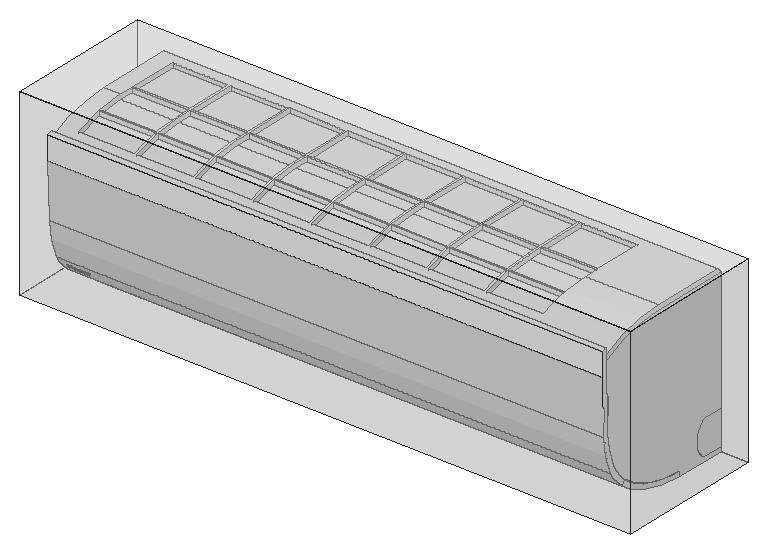
Revit family "outputfile", category 機械設備, Revit 2024 (continued)
Definition of nested family "DAIKIN_indoorunit_FTXV-QVMV"
  Automatic sketch dimensions
    Extrusion 21 sketch curve to Extrusion 21 sketch curve = 0.483 mm
    Extrusion 21 sketch curve to Extrusion 21 sketch curve = 4.137 mm
    Extrusion 21 sketch curve to Extrusion 21 sketch curve = 31.393 mm
    Extrusion 21 sketch curve to Extrusion 21 sketch curve = 9.215 mm
    Extrusion 21 sketch curve to level = 8.0 mm
    Extrusion 22 sketch curve to plane 1 "Center (Front/Back)" = 0.0 mm
    Extrusion 22 sketch curve to Extrusion 22 sketch curve = 20.0 mm  (x2)
    Extrusion 22 sketch curve to level = 287.035 mm
    Extrusion 23 sketch curve to plane 1 "Center (Front/Back)" = 0.0 mm
    Extrusion 23 sketch curve to Extrusion 23 sketch curve = 20.0 mm  (x2)
    Extrusion 23 sketch curve to level = 287.035 mm
    plane 1 "Center (Front/Back)" to Extrusion 24 sketch curve = 0.0 mm  (x2)
    plane 3 "Center (Left/Right)" to Extrusion 24 sketch curve = 469.0 mm
    Extrusion 24 sketch curve to Extrusion 24 sketch curve = 20.0 mm  (x4)
    Extrusion 24 sketch curve to plane 3 "Center (Left/Right)" = 409.0 mm
  Nested families
    nested 1: "daikin_logo_plane_w40" at (-320, -198.871, -233.244) x (1, 0, 0) z (0, -0.7841, -0.6206), visible <- "switch_unit1_25-35", type "daikin_logo_plane_w40"
      with show_logo yes
    nested 2: "daikin_logo_plane_w40" at (-430, -237.74, -233.244) x (1, 0, 0) z (0, -0.7841, -0.6206), visible <- "switch_unit1_50-71", type "daikin_logo_plane_w40"
      with show_logo yes
  Definition of nested family "daikin_logo_plane_w40"
    Parameters (values of type "daikin_logo_plane_w40")
      width = 40.0 mm
      show_logo [instance] = yes
      material = none
      height = 0.0 mm
      depth = 0.0 mm
      Default Elevation = 1219.2 mm
    Reference planes
      plane 1 "Center (Front/Back)": y = 0
      plane 2: z = 0
      plane 3 "Center (Left/Right)": x = 0
      plane 4: z = 2
      plane 5 "left": x = -19
      plane 6: x = 19
    Forms (mm)
      Extrusion 1, solid, visible <- "show_logo"
        sketch origin (-19, 0, 0) x (1, 0, 0) y (0, 1, 0)
          loop
            line (8.902, -1.878) -> (7.789, -6.332) -> (11.13, -6.332)
            arc (11.13, -6.332) -> (12.454, -6.064) -> (13.472, -5.176) r 2.642
            arc (13.472, -5.176) -> (13.92, -4.02) -> (13.767, -2.79) r 2.537
            arc (13.767, -2.79) -> (13.452, -2.342) -> (12.982, -2.06) r 1.321
            arc (12.982, -2.06) -> (12.063, -1.902) -> (11.13, -1.878) r 6.479
            line (11.13, -1.878) -> (8.902, -1.878)
          loop
            line (10.016, -5.441) -> (10.907, -5.441)
            arc (10.907, -5.441) -> (11.591, -4.983) -> (11.988, -4.261) r 1.742
            spline (11.988, -4.261) -> (12.01, -4.155) -> (12.027, -4.03) -> (12.037, -3.893) -> (12.037, -3.747) -> (12.026, -3.598) -> (12.002, -3.451) -> (11.962, -3.31) -> (11.905, -3.181) -> (11.829, -3.069) -> (11.731, -2.978) -> (11.61, -2.913) -> (11.464, -2.88)
            line (11.464, -2.88) -> (10.573, -2.88) -> (10.016, -5.441)
          loop
            line (13.58, -6.332) -> (14.805, -6.332) -> (15.223, -5.553) -> (16.977, -5.553) -> (17.144, -6.332) -> (19.149, -6.332) -> (18.258, -1.878) -> (16.03, -1.878) -> (13.58, -6.332)
          loop
            line (16.476, -3.214) -> (15.76, -4.551) -> (16.762, -4.551) -> (16.476, -3.214)
          loop
            line (19.705, -6.332) -> (21.599, -6.332) -> (22.712, -1.878) -> (20.819, -1.878) -> (19.705, -6.332)
          loop
            line (22.712, -6.332) -> (24.606, -6.332) -> (24.908, -5.122) -> (25.831, -6.332) -> (28.17, -6.332) -> (26.388, -3.994) -> (28.949, -1.878) -> (26.945, -1.878) -> (25.401, -3.153) -> (25.719, -1.878) -> (23.826, -1.878) -> (22.712, -6.332)
          loop
            line (29.84, -1.878) -> (28.615, -6.332) -> (30.62, -6.332) -> (31.734, -1.878) -> (29.84, -1.878)
          loop
            line (31.734, -6.332) -> (33.07, -6.332) -> (33.7, -3.814) -> (34.518, -6.332) -> (36.745, -6.332) -> (37.859, -1.878) -> (36.523, -1.878) -> (35.845, -4.589) -> (34.963, -1.878) -> (32.847, -1.878) -> (31.734, -6.332)
        from 0 to 2
      Extrusion 2, solid, visible <- "show_logo"
        sketch origin (-19, 0, 0) x (1, 0, 0) y (0, 1, 0)
          loop
            line (8.7, 0) -> (4.235, 0) -> (0, -3.879) -> (0, -8) -> (8.7, 0)
        from 0 to 2
      Extrusion 3, solid, visible <- "show_logo"
        sketch origin (-19, 0, 0) x (1, 0, 0) y (0, 1, 0)
          loop
            line (0, 0) -> (0, -3.879) -> (4.235, 0) -> (0, 0)
        from 0 to 2
    Dimensions and locks
      plane 4 to plane 2 = 2.0 mm
      equal spacing: plane 5 "left", plane 3 "Center (Left/Right)", plane 6
      locked: plane 5 "left" to plane 6 at 38
      aligned and locked: level to plane 2
      aligned and locked: Extrusion 3 to plane 1 "Center (Front/Back)"  (x2)
      aligned and locked: Extrusion 2 to plane 1 "Center (Front/Back)"  (x2)
      aligned and locked: plane 4 to Extrusion 1
      aligned and locked: plane 4 to Extrusion 3
      aligned and locked: plane 4 to Extrusion 2
      aligned and locked: Extrusion 3 to plane 5 "left"
      aligned and locked: Extrusion 2 to plane 5 "left"
    Automatic sketch dimensions
      Extrusion 1 sketch curve to Extrusion 1 sketch curve = 0.901 mm
      Extrusion 1 sketch curve to Extrusion 1 sketch curve = 1.559 mm
      Extrusion 1 sketch curve to Extrusion 1 sketch curve = 1.327 mm
      Extrusion 1 sketch curve to Extrusion 1 sketch curve = 2.145 mm
      Extrusion 1 sketch curve to Extrusion 1 sketch curve = 1.448 mm
      Extrusion 1 sketch curve to Extrusion 1 sketch curve = 2.116 mm
      Extrusion 1 sketch curve to Extrusion 1 sketch curve = 1.114 mm  (x4)
      Extrusion 1 sketch curve to Extrusion 1 sketch curve = 1.336 mm  (x2)
      plane 1 "Center (Front/Back)" to Extrusion 1 sketch curve = 1.878 mm  (x5)
      Extrusion 1 sketch curve to Extrusion 1 sketch curve = 1.893 mm  (x5)
      Extrusion 1 sketch curve to Extrusion 1 sketch curve = 0.891 mm  (x4)
      Extrusion 1 sketch curve to Extrusion 1 sketch curve = 2.005 mm  (x3)
      Extrusion 1 sketch curve to Extrusion 1 sketch curve = 0.445 mm  (x2)
      plane 1 "Center (Front/Back)" to Extrusion 1 sketch curve = 3.994 mm
      Extrusion 1 sketch curve to Extrusion 1 sketch curve = 0.557 mm  (x2)
      Extrusion 1 sketch curve to Extrusion 1 sketch curve = 2.339 mm  (x2)
      Extrusion 1 sketch curve to Extrusion 1 sketch curve = 1.225 mm  (x3)
      plane 1 "Center (Front/Back)" to Extrusion 1 sketch curve = 3.153 mm
      Extrusion 1 sketch curve to Extrusion 1 sketch curve = 0.987 mm
      plane 1 "Center (Front/Back)" to Extrusion 1 sketch curve = 5.122 mm
      Extrusion 1 sketch curve to Extrusion 1 sketch curve = 0.922 mm
      plane 1 "Center (Front/Back)" to Extrusion 1 sketch curve = 6.332 mm
      Extrusion 1 sketch curve to Extrusion 1 sketch curve = 2.562 mm
      plane 1 "Center (Front/Back)" to Extrusion 1 sketch curve = 5.553 mm
      Extrusion 1 sketch curve to Extrusion 1 sketch curve = 0.167 mm
      Extrusion 1 sketch curve to Extrusion 1 sketch curve = 0.215 mm
      plane 1 "Center (Front/Back)" to Extrusion 1 sketch curve = 3.214 mm
      Extrusion 1 sketch curve to Extrusion 1 sketch curve = 0.286 mm
      plane 1 "Center (Front/Back)" to Extrusion 1 sketch curve = 4.551 mm
      Extrusion 1 sketch curve to Extrusion 1 sketch curve = 1.002 mm
      Extrusion 1 sketch curve to Extrusion 1 sketch curve = 0.537 mm
      Extrusion 1 sketch curve to Extrusion 1 sketch curve = 0.418 mm
      Extrusion 1 sketch curve to Extrusion 1 sketch curve = 1.028 mm
      plane 1 "Center (Front/Back)" to Extrusion 1 sketch curve = 4.261 mm
      Extrusion 1 sketch curve to Extrusion 1 sketch curve = 0.563 mm
      plane 1 "Center (Front/Back)" to Extrusion 1 sketch curve = 2.88 mm
      Extrusion 1 sketch curve to Extrusion 1 sketch curve = 1.088 mm
      Extrusion 1 sketch curve to Extrusion 1 sketch curve = 2.152 mm
      Extrusion 1 sketch curve to Extrusion 1 sketch curve = 0.586 mm
      Extrusion 1 sketch curve to Extrusion 1 sketch curve = 0.118 mm
      Extrusion 1 sketch curve to Extrusion 1 sketch curve = 0.298 mm
      Extrusion 1 sketch curve to Extrusion 1 sketch curve = 0.334 mm
      Extrusion 1 sketch curve to Extrusion 1 sketch curve = 0.223 mm
      Extrusion 1 sketch curve to Extrusion 1 sketch curve = 0.266 mm
      Extrusion 1 sketch curve to Extrusion 1 sketch curve = 1.671 mm
      Extrusion 1 sketch curve to Extrusion 1 sketch curve = 2.227 mm
      Extrusion 1 sketch curve to Extrusion 1 sketch curve = 0.0 mm  (x7)
      Extrusion 1 sketch curve to Extrusion 1 sketch curve = 3.453 mm
      Extrusion 1 sketch curve to Extrusion 1 sketch curve = 2.017 mm
      Extrusion 1 sketch curve to Extrusion 1 sketch curve = 0.78 mm  (x2)
      Extrusion 1 sketch curve to Extrusion 1 sketch curve = 1.743 mm
      Extrusion 1 sketch curve to Extrusion 1 sketch curve = 0.775 mm
      Extrusion 1 sketch curve to Extrusion 1 sketch curve = 0.552 mm
      Extrusion 1 sketch curve to Extrusion 1 sketch curve = 0.014 mm
      Extrusion 1 sketch curve to Extrusion 1 sketch curve = 0.952 mm
      Extrusion 1 sketch curve to Extrusion 1 sketch curve = 1.215 mm
      Extrusion 1 sketch curve to Extrusion 1 sketch curve = 0.108 mm
      plane 1 "Center (Front/Back)" to Extrusion 2 sketch curve = 0.0 mm
      Extrusion 2 sketch curve to plane 3 "Center (Left/Right)" = 19.0 mm
      Extrusion 2 sketch curve to plane 3 "Center (Left/Right)" = 14.765 mm
      Extrusion 2 sketch curve to Extrusion 2 sketch curve = 4.465 mm
      plane 1 "Center (Front/Back)" to Extrusion 2 sketch curve = 3.879 mm
      Extrusion 2 sketch curve to Extrusion 2 sketch curve = 4.12 mm
      plane 1 "Center (Front/Back)" to Extrusion 3 sketch curve = 0.0 mm
      Extrusion 3 sketch curve to plane 3 "Center (Left/Right)" = 19.0 mm
      Extrusion 3 sketch curve to plane 3 "Center (Left/Right)" = 14.765 mm
      plane 1 "Center (Front/Back)" to Extrusion 3 sketch curve = 3.879 mm
      Extrusion 1 sketch curve to plane 3 "Center (Left/Right)" = 11.211 mm
      Extrusion 1 sketch curve to Extrusion 1 sketch curve = 1.782 mm
Definition of nested family "daikin_connector_rotate3"
  Parameters (values of type "daikin_connector_rotate3")
    show [instance] = yes
    radius [instance] = 10.0 mm
    length [instance] = 600.0 mm
    angle_horizontal [instance] = 60.00°
    angle_vertical [instance] = 90.00°
    Default Elevation = 1219.2 mm
  Reference planes
    plane 1 "Center (Front/Back)": y = 0
    plane 2: z = 0
    plane 3 "Center (Left/Right)": x = 0
  Dimensions and locks
    "angle_horizontal": angle plane 3 "Center (Left/Right)" to nested 1
    aligned and locked: level to plane 2
    aligned and locked: plane 1 "Center (Front/Back)" to nested 1  (x2)
    aligned and locked: plane 3 "Center (Left/Right)" to nested 1
  Nested families
    nested 1: "daikin_connector_rotate2" at (0, 0, 0) x (0.5, 0.866, 0) z (0, 0, 1), angle_vertical <- "angle_vertical", length <- "length", radius <- "radius", type "daikin_connector_rotate2"
      with radius 10.0 mm, length 600.0 mm, angle_vertical 90.00°
  Definition of nested family "daikin_connector_rotate2"
    Parameters (values of type "daikin_connector_rotate2")
      show_face = yes
      radius [instance] = 10.0 mm
      length [instance] = 600.0 mm
      d_surface = 10.0 mm
      angle_vertical [instance] = 90.00°
      Default Elevation = 0.0 mm
    Reference planes
      plane 1 "Center (Front/Back)": y = 0
      plane 2: z = 0
      plane 3 "Center (Left/Right)": x = 0
    Forms (mm)
      Extrusion 1, solid, visible <- "show_face"
        sketch origin (0, -600, 0) x (1, 0, 0) y (0, 0, 1)
          loop
            circle (0, 0) r 10
        from 0 to -10
    Lines and regions (mm)
      reference lines
        curve 1: line (0, 0, 0) -> (0, -600, 0)
      symbolic lines
        curve 2: circle (0, 0, 0) r 5 normal (0, 0, 1)
      model lines, visible <- "show_face"
        curve 3: line (0, 0, 0) -> (0, -600, 0)
    Dimensions and locks
      "length": curve 1 to curve 1
      "length": curve 3 to curve 3
      "d_surface": Extrusion 1 to Extrusion 1
      "radius": radius of Extrusion 1 sketch curve
      "angle_vertical": angle curve 1 to plane 1 "Center (Front/Back)"
      "angle_vertical": angle curve 3 to plane 1 "Center (Front/Back)"
      aligned and locked: level to plane 2
      aligned and locked: plane 1 "Center (Front/Back)" to curve 1
      aligned and locked: plane 2 to curve 1
      aligned and locked: plane 1 "Center (Front/Back)" to curve 2
      aligned and locked: plane 3 "Center (Left/Right)" to curve 2
      aligned and locked: plane 1 "Center (Front/Back)" to curve 3
      aligned and locked: plane 2 to curve 3
      aligned and locked: Extrusion 1 to Extrusion 1
    Automatic sketch dimensions
      Extrusion 1 sketch curve to level = 0.0 mm
      Extrusion 1 sketch curve to plane 3 "Center (Left/Right)" = 0.0 mm
      radius of curve 2 = 5.0 mm
